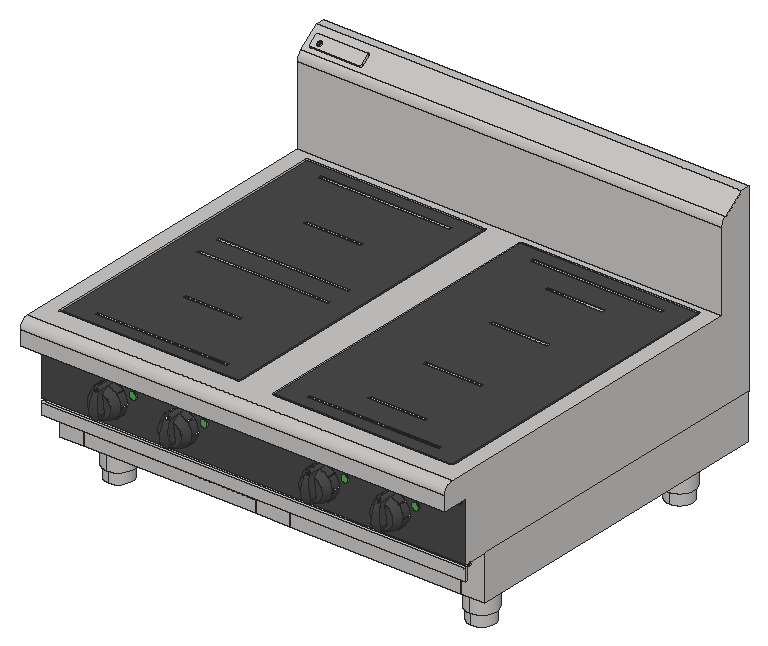
Revit family "QF_Moffat_INB8400R5F-B_Induction_Cooktop_cat", category Specialty Equipment, Revit 2019 (continued)
Definition of nested family "Knob"
  Forms (mm)
    Extrusion 2, solid
      sketch origin (32.5, 175.397, 1219.2) x (0, 1, 0) y (0, 0, 1)
        loop
          arc (-224.105, -1149.7) -> (-233.965, -1178.467) -> (-230.696, -1208.7) r 70
          line (-230.696, -1208.7) -> (-219.397, -1208.7) -> (-219.397, -1161.899) -> (-202.106, -1154.2)
      from -15 to 15
    Extrusion 3, void
      sketch origin (0, 0, 0) x (1, 0, 0) y (0, 0, 1)
        loop
          line (27.501, 64.613) -> (22.02, 20.585)
          arc (22.02, 20.585) -> (32.792, 10.488) -> (42.986, 21.169) r 10.487
          line (42.986, 21.169) -> (37.499, 64.613)
          arc (37.499, 64.613) -> (32.5, 69.5) -> (27.501, 64.613) r 5
        loop
          line (10, 72.977) -> (10, 5.625) -> (55, 5.625) -> (55, 72.977) -> (10, 72.977)
      from 6.142 to 69.687
    Extrusion 4, solid
      sketch origin (0, -34.115, -16.916) x (1, 0, 0) y (0, 0.45399, 0.891007)
        loop
          circle (32.497, 65) r 2
      from 51.525 to 53.075
    Extrusion 5, solid
      sketch origin (32.5, -10, 32.5) x (0, 0, -1) y (-1, 0, 0)
        loop
          line (-23.54, -22.408) -> (-24.106, -22.974)
          arc (-24.106, -22.974) -> (-23.547, -23.547) -> (-22.974, -24.106) r 33.3
          line (-22.974, -24.106) -> (-22.408, -23.54)
          arc (-22.408, -23.54) -> (-22.981, -22.981) -> (-23.54, -22.408) r 32.5
        loop
          arc (-0.8, -33.29) -> (0, -33.3) -> (0.8, -33.29) r 33.3
          line (0.8, -33.29) -> (0.8, -32.49)
          arc (0.8, -32.49) -> (0, -32.5) -> (-0.8, -32.49) r 32.5
          line (-0.8, -32.49) -> (-0.8, -33.29)
        loop
          arc (23.54, -22.408) -> (22.981, -22.981) -> (22.408, -23.54) r 32.5
          line (22.408, -23.54) -> (22.974, -24.106)
          arc (22.974, -24.106) -> (23.547, -23.547) -> (24.106, -22.974) r 33.3
          line (24.106, -22.974) -> (23.54, -22.408)
        loop
          arc (-23.54, 22.408) -> (-22.981, 22.981) -> (-22.408, 23.54) r 32.5
          line (-22.408, 23.54) -> (-22.974, 24.106)
          arc (-22.974, 24.106) -> (-23.547, 23.547) -> (-24.106, 22.974) r 33.3
          line (-24.106, 22.974) -> (-23.54, 22.408)
        loop
          line (-0.8, 33.29) -> (-0.8, 32.49)
          arc (-0.8, 32.49) -> (0, 32.5) -> (0.8, 32.49) r 32.5
          line (0.8, 32.49) -> (0.8, 33.29)
          arc (0.8, 33.29) -> (0, 33.3) -> (-0.8, 33.29) r 33.3
        loop
          line (32.49, -0.8) -> (33.29, -0.8)
          arc (33.29, -0.8) -> (33.3, 0) -> (33.29, 0.8) r 33.3
          line (33.29, 0.8) -> (32.49, 0.8)
          arc (32.49, 0.8) -> (32.5, 0) -> (32.49, -0.8) r 32.5
        loop
          arc (24.106, 22.974) -> (23.547, 23.547) -> (22.974, 24.106) r 33.3
          line (22.974, 24.106) -> (22.408, 23.54)
          arc (22.408, 23.54) -> (22.981, 22.981) -> (23.54, 22.408) r 32.5
          line (23.54, 22.408) -> (24.106, 22.974)
      from 0 to -16.709
  Cuts and joins
    Extrusion 3 cuts Extrusion 2
  Dimensions and locks
    equal spacing: plane 3 "LEFT", plane 7 "Center Y", plane 4 "RIGHT"
    "Length": plane 3 "LEFT" to plane 4 "RIGHT"
    equal spacing: plane 5 "FRONT", plane 8 "Center X", plane 1 "BACK"
    "Depth": plane 5 "FRONT" to plane 1 "BACK"
    "Height": plane 6 "TOP" to level
    plane 4 "RIGHT" to plane 3 "LEFT" = 65 mm
    aligned and locked: level to plane 2
  Automatic sketch dimensions
    Revolve 1 sketch curve to level = 0 mm
    Revolve 1 sketch curve to plane 1 "BACK" = 0 mm  (x2)
    plane 1 "BACK" to Revolve 1 sketch curve = 10 mm
    plane 8 "Center X" to Revolve 1 sketch curve = 2.791 mm
    Revolve 1 sketch curve to plane 8 "Center X" = 14.5 mm
    level to Revolve 1 sketch curve = 7.699 mm
    level to Revolve 1 sketch curve = 27.5 mm
    Revolve 1 sketch curve to Revolve 1 sketch curve = 5 mm
    Revolve 1 sketch curve to Revolve 1 sketch curve = 35 mm
    Revolve 1 sketch curve to Revolve 1 sketch curve = 0 mm
    Extrusion 2 sketch curve to plane 6 "TOP" = 0 mm
    Extrusion 2 sketch curve to plane 5 "FRONT" = 3.702 mm
    Extrusion 2 sketch curve to plane 5 "FRONT" = 10.293 mm
    Extrusion 2 sketch curve to Extrusion 2 sketch curve = 11.298 mm
    plane 8 "Center X" to Extrusion 2 sketch curve = 2.791 mm
    plane 1 "BACK" to Extrusion 2 sketch curve = 10 mm
    Extrusion 2 sketch curve to plane 1 "BACK" = 11 mm
    Extrusion 2 sketch curve to plane 6 "TOP" = 4.5 mm
    Extrusion 2 sketch curve to plane 6 "TOP" = 12.199 mm
    level to Extrusion 2 sketch curve = 32.962 mm
    level to Extrusion 3 sketch curve = 5.625 mm
    Extrusion 3 sketch curve to plane 7 "Center Y" = 0 mm  (x2)
    Extrusion 3 sketch curve to plane 7 "Center Y" = 4.999 mm
    Extrusion 3 sketch curve to plane 7 "Center Y" = 10.48 mm
    plane 6 "TOP" to Extrusion 3 sketch curve = 3.477 mm
    plane 3 "LEFT" to Extrusion 3 sketch curve = 10 mm
    Extrusion 3 sketch curve to plane 6 "TOP" = 4.887 mm
    Extrusion 3 sketch curve to Extrusion 3 sketch curve = 4.999 mm
    plane 7 "Center Y" to Extrusion 3 sketch curve = 10.486 mm
    level to Extrusion 3 sketch curve = 20.585 mm
    Extrusion 3 sketch curve to Extrusion 3 sketch curve = 0.387 mm
    Extrusion 3 sketch curve to Extrusion 3 sketch curve = 0.113 mm
    plane 4 "RIGHT" to Extrusion 3 sketch curve = 10 mm
    Extrusion 5 sketch curve to Revolve 1 = 32.49 mm
    Revolve 1 to Extrusion 5 sketch curve = 32.49 mm
    Extrusion 5 sketch curve to Revolve 1 = 23.54 mm  (x2)
    Revolve 1 to Extrusion 5 sketch curve = 23.54 mm  (x2)
    Extrusion 5 sketch curve to Revolve 1 = 24.106 mm  (x2)
    Revolve 1 to Extrusion 5 sketch curve = 24.106 mm  (x2)
    Revolve 1 to Extrusion 5 sketch curve = 22.408 mm  (x2)
    Extrusion 5 sketch curve to Revolve 1 = 22.408 mm  (x2)
    Revolve 1 to Extrusion 5 sketch curve = 22.974 mm  (x2)
    Extrusion 5 sketch curve to Revolve 1 = 22.974 mm  (x2)
    Extrusion 5 sketch curve to Extrusion 5 sketch curve = 1.6 mm  (x2)
    Revolve 1 to Extrusion 5 sketch curve = 0.8 mm
    Extrusion 5 sketch curve to Revolve 1 = 0.8 mm
    Extrusion 4 sketch curve to plane 7 "Center Y" = 0.003 mm
    radius of Extrusion 5 sketch curve to Revolve 1 = 0 mm  (x7)
    radius of Revolve 1 to Extrusion 5 sketch curve = 0.8 mm  (x7)
    radius of Extrusion 4 sketch curve = 2 mm
Types (2, lengths in mm): name | Volts | Cycle | Apparent Power
  INB8400R5F-B_415/60/3 | 415 V | 60 Hz | 20102.6 VA
  INB8400R5F-B_400/50/3 | 400 V | 50 Hz | 19376 VA
